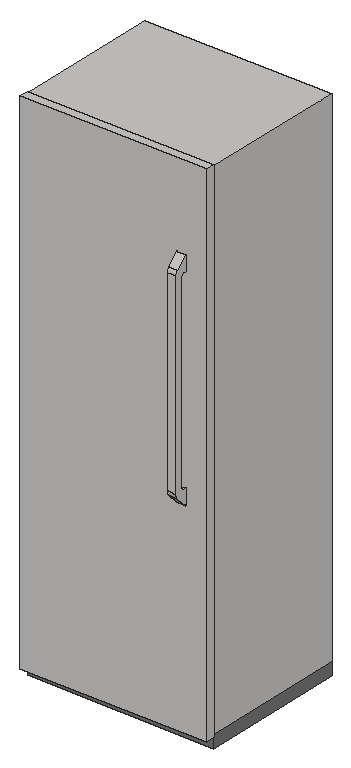
Revit family "DRZ30980LAP", category Specialty Equipment, Revit 2014
Parameters (values of type "DRZ30980LAP")
  Width = 29 3/4"
  Volts (V) = "115"
  Unit = Stainless Steel
  Total Unit Gross Capacity (cu.ft.) - AHAM = "17.6 cu. ft."
  Support = Plastic-Black
  Special Modes = "Sabbath Mode"
  Shelf Material = "Tempered, Metal Trim, Spill-Proof"
  Refrigerator Gross Capacity (cu.ft.) = "17.6 cu. ft."
  Push-To-Open™ Door Assist = "Yes"
  Precise Cooling = "Yes"
  Power Freeze = "Yes"
  Power Cord Length (in.) = "78 3/4\""
  Plug Type = "120 V, 3 Prong"
  Panel Ready = "Yes"
  Model = "DRZ30980LAP"
  Manufacturer = "Dacor"
  Lighting = "3DLighting™"
  Interior Material = "SteelCool™ Stainless Steel Interior"
  Ice Maker = "Dual Icemaker for Standard and Cocktail Ice™"
  Hidden Compartment with Flip-up cover = "1 ea"
  Height = 83 3/8"
  Handle = Stainless Steel
  Full Width Shelves = "3 ea"
  Full Extension Drawers at 90º Door Opening Angle = "Yes"
  Frequency (Hz) = "60"
  Freezer Drawer = "2 ea"
  Freezer - Power Freeze = 0
  Freezer = "5°(-15°) to -8° (-23°)"
  ENERGY STAR® Qualified = "Yes"
  Door Swing = "Left"
  Door Open Alarm = "Yes"
  Door Bins = "4 ea"
  Door = Stainless Steel
  Description = "30-INCH FREEZER COLUMN, LEFT-HINGE"
  Depth = 25"
  Defrost Process = "Frost-Free"
  Dedicated Evaporator & Compressor System = "Yes"
  Current (A) = "6"
  Annual Energy Consumption = "550 kWy/year"
Reference planes (in)
  plane 1 "Center (Front/Back)": y = 0
  plane 2: z = 0
  plane 3 "Center (Left/Right)": x = 0
  plane 4: y = 12.5
  plane 5: y = -12.5
  plane 6: x = -14.875
  plane 7: x = 14.875
  plane 8: z = 83.375
  plane 9: z = 2
  plane 10: y = -14.375
  plane 11: y = -11
Forms (in)
  Extrusion 1, solid, material "Stainless Steel" <- "Unit"
    sketch origin (0, 0, 0) x (1, 0, 0) y (0, 1, 0)
      loop
        line (-14.875, -11) -> (-13.875, -11) -> (-13.875, 11.375) -> (13.875, 11.375) -> (13.875, -11) -> (14.875, -11) -> (14.875, 12.5) -> (-14.875, 12.5) -> (-14.875, -11)
    from 2 to 83.375
  Extrusion 2, solid, material "Stainless Steel" <- "Handle"
    sketch origin (0, 0, 0) x (1, 0, 0) y (0, 0, 1)
      loop
        line (-14.875, 1.57503) -> (14.875, 1.57503) -> (14.875, 83.5) -> (-14.875, 83.5) -> (-14.875, 1.57503)
    from 11 to 12.5
  Extrusion 3, solid, material "Plastic-Black" <- "Support"
    sketch origin (0, 0, 0) x (0, 1, 0) y (0, 0, 1)
      loop
        line (12.5, 2) -> (-11, 2) -> (-11, 0) -> (12.5, 0) -> (12.5, 2)
    from -14.875 to 14.875
  Extrusion 4, solid, material "Stainless Steel" <- "Unit"
    sketch origin (0, 0, 83.375) x (1, 0, 0) y (0, 1, 0)
      loop
        line (-13.875, 11.375) -> (-13.875, -11) -> (13.875, -11) -> (13.875, 11.375) -> (-13.875, 11.375)
    from 0 to -1.14126
  Extrusion 5, solid, material "Stainless Steel" <- "Handle"
    sketch origin (0, 0, 0) x (0, 1, 0) y (0, 0, -1)
      loop
        line (-12.5, -70.125) -> (-12.5, -67.65625) -> (-12.96875, -67.65625) -> (-13.4375, -67.1875) -> (-13.4375, -64.9375) -> (-14.375, -64.9375) -> (-14.375, -67.83579)
        arc (-14.375, -67.83579) -> (-14.29888, -68.21847) -> (-14.08211, -68.54289) r 1
        line (-14.08211, -68.54289) -> (-12.5, -70.125)
    from -11.55491 to -10.21363
  Extrusion 6, solid, material "Stainless Steel" <- "Handle"
    sketch origin (0, 0, 104.5) x (0, 1, 0) y (0, 0, -1)
      loop
        line (-12.5, 70.25) -> (-14.00888, 68.74112)
        arc (-14.00888, 68.74112) -> (-14.27985, 68.33559) -> (-14.375, 67.85723) r 1.25
        line (-14.375, 67.85723) -> (-14.375, 65.0625) -> (-13.4375, 65.0625) -> (-13.4375, 67.3125) -> (-12.96875, 67.78125) -> (-12.5, 67.78125) -> (-12.5, 70.25)
    from -11.55491 to -10.21363
  Extrusion 7, solid, material "Stainless Steel" <- "Handle"
    sketch origin (-1.25, 0, 0) x (-1, 0, 0) y (0, -1, 0)
      loop
        line (-12.80491, 13.4375) -> (-11.46363, 13.4375) -> (-11.46363, 14.375) -> (-12.80491, 14.375) -> (-12.80491, 13.4375)
    from 65.0625 to 39.4375
Cuts and joins
  joined: Extrusion 1, Extrusion 4
  joined: Extrusion 5, Extrusion 6, Extrusion 7
Dimensions and locks (in)
  equal spacing: plane 6, plane 3 "Center (Left/Right)", plane 7
  "Width": plane 6 to plane 7
  equal spacing: plane 4, plane 1 "Center (Front/Back)", plane 5
  "Depth": plane 4 to plane 5
  "Height": plane 8 to plane 2
  plane 9 to plane 2 = 2"
  plane 5 to plane 10 = 1 7/8"
  plane 11 to plane 5 = 1 1/2"
  Extrusion 3 to Extrusion 3 = 29 3/4"
  Extrusion 2 to Extrusion 3 = 25"
  Extrusion 3 to cut or joined group of Extrusion 1, Extrusion 4 = 83 3/8"
  aligned and locked: level to plane 2
  aligned and locked: Extrusion 3 to plane 6
  aligned and locked: plane 7 to Extrusion 3
Automatic sketch dimensions
  Extrusion 1 sketch curve to plane 6 = 0"
  Extrusion 1 sketch curve to plane 11 = 0"  (x2)
  Extrusion 1 sketch curve to plane 7 = 0"
  Extrusion 1 sketch curve to plane 4 = 0"
  Extrusion 1 sketch curve to Extrusion 1 sketch curve = 1"
  Extrusion 1 sketch curve to plane 7 = 1"
  Extrusion 1 sketch curve to plane 4 = 1 1/8"
  Extrusion 2 sketch curve to plane 6 = 0"
  Extrusion 2 sketch curve to plane 7 = 0"
  Extrusion 2 sketch curve to plane 9 = 0.42497"
  plane 8 to Extrusion 2 sketch curve = 1/8"
  Extrusion 3 sketch curve to plane 9 = 0"
  Extrusion 3 sketch curve to plane 11 = 0"
  Extrusion 3 sketch curve to level = 0"
  Extrusion 3 sketch curve to plane 4 = 0"
  Extrusion 1 to Extrusion 4 sketch curve = 0"  (x2)
  Extrusion 4 sketch curve to Extrusion 1 = 0"  (x2)
  Extrusion 5 sketch curve to plane 10 = 0"
  Extrusion 5 sketch curve to plane 5 = 0"
  Extrusion 5 sketch curve to plane 10 = 0.29289"
  Extrusion 5 sketch curve to plane 5 = 15/16"
  Extrusion 5 sketch curve to Extrusion 5 sketch curve = 1/16"
  Extrusion 5 sketch curve to Extrusion 5 sketch curve = 13/32"
  Extrusion 5 sketch curve to plane 8 = 13 1/4"
  Extrusion 5 sketch curve to Extrusion 5 sketch curve = 1.58211"
  Extrusion 5 sketch curve to Extrusion 5 sketch curve = 0.17954"
  Extrusion 5 sketch curve to Extrusion 5 sketch curve = 0.64829"
  Extrusion 5 sketch curve to Extrusion 5 sketch curve = 2 1/4"
  Extrusion 6 sketch curve to plane 10 = 0"
  Extrusion 6 sketch curve to plane 5 = 0"
  Extrusion 6 sketch curve to plane 10 = 0.36612"
  Extrusion 6 sketch curve to plane 5 = 15/16"
  Extrusion 6 sketch curve to plane 5 = 5/8"
  Extrusion 6 sketch curve to Extrusion 6 sketch curve = 5/32"
  plane 9 to Extrusion 6 sketch curve = 37 7/16"
  Extrusion 6 sketch curve to Extrusion 6 sketch curve = 2 1/4"
  Extrusion 6 sketch curve to Extrusion 6 sketch curve = 15/32"
  Extrusion 6 sketch curve to Extrusion 6 sketch curve = 0.54473"
  Extrusion 6 sketch curve to Extrusion 6 sketch curve = 1.50888"
  plane 10 to Extrusion 7 sketch curve = 0"
  plane 7 to Extrusion 7 sketch curve = 3.32009"
  Extrusion 7 sketch curve to Extrusion 7 sketch curve = 1.34127"
  plane 5 to Extrusion 7 sketch curve = 15/16"
